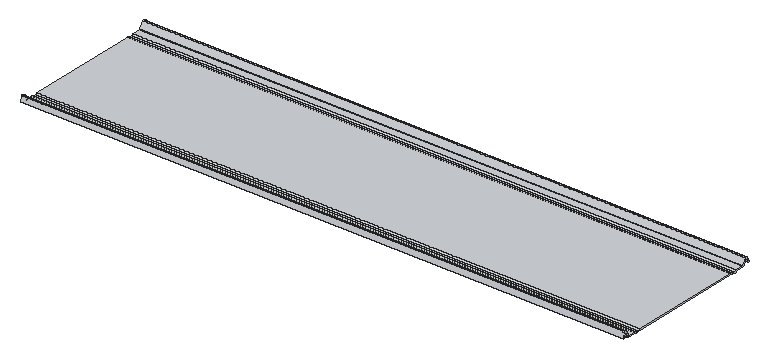
Revit family "LHBV48", category Lighting Fixtures, host Ceiling, Revit 2019
Family settings
  Host = Ceiling
  Round Connector Dimension = Use Diameter
  Part Type = Normal
  OmniClass Number = 23.80.70.11
  OmniClass Title = Luminaries for Internal Lighting
  Always vertical = Yes
  Cut with Voids When Loaded = No
  Light Source = Yes
  Shared = No
  Room Calculation Point = No
Parameters (values of type "LHBV48-LED840K300LUNV")
  Width = 1' - 2 143/256"
  Wattage = 201 W
  built-in parameter 1150110 = 1 (stored number, unit not read)
  Voltage = 120 V
  URL = "https://www.viscor.com/en/products/lhbv"
  built-in parameter 1114217 = 0.9 (stored number, unit not read)
  Tilt Angle = 90.00°
  built-in parameter 1150109 = 1 (stored number, unit not read)
  built-in parameter 1150134 = 12
  built-in parameter 1150113 = 1 (stored number, unit not read)
  Photometric Web File = "LHBV48-LED840K300LUNV-P05.IES"
  Model = "LHBV"  # constant formula
  Manufacturer = "VISIONEERING by VISCOR"  # constant formula
  Lumens = 29547 lm
  built-in parameter 1150115 = 1 (stored number, unit not read)
  built-in parameter 1150105 = 2351.3 (stored number, unit not read)
  built-in parameter 1150137 = (empty or 0)
  built-in parameter 1150139 = (empty or 0)
  Lens Finsih = Acrylic - Viscor - High Impact Textured
  Length = 4' - 3 31/32"
  Lamp Wattage = 201 VA
  built-in parameter 1150112 = 1 (stored number, unit not read)
  built-in parameter 1150114 = 1 (stored number, unit not read)
  Lamp = "LED"  # constant formula
  built-in parameter 1150132 = (empty or 0)
  built-in parameter 1150102 = (empty or 0)
  built-in parameter 1150138 = (empty or 0)
  built-in parameter 1150107 = 4000 (stored number, unit not read)
  built-in parameter 1150106 = 23.513 (stored number, unit not read)
  Housing Finish = Metal - Viscor - White
  Emit from Line Length = Length  # 4' - 3 31/32"
  built-in parameter 1150104 = 13.657 (stored number, unit not read)
  Dimming Lamp Color Temperature Shift = <None>
  Description = "LED High Bay Vapour"  # constant formula
  Color Filter = 16777215
  built-in parameter 1114218 = 1 (stored number, unit not read)
  built-in parameter 1150133 = 10 (stored number, unit not read)
  Assembly Code = "D5020200"
  Apparent Load = Lamp Wattage  # 201 VA
Types (6): name | Width | Wattage | Photometric Web File | Lumens | built-in parameter 1150105 | Lamp Wattage | built-in parameter 1150106 | built-in parameter 1150104 | Apparent Load
  (no name) | 1' - 2 143/256" | 201 W | "LHBV48-LED840K300LUNV-P05.IES" | 29547 lm | 2351.3 (stored number, unit not read) | 201 VA | 23.513 (stored number, unit not read) | 13.657 (stored number, unit not read) | 201 VA
  LHBV48-LED840K120LUNV | 1' - 2 143/256" | 79 W | "LHBV48-LED840K120LUNV-P05.IES" | 12166 lm | 968.14 (stored number, unit not read) | 79 VA | 9.6814 (stored number, unit not read) | 14.307 (stored number, unit not read) | 79 VA
  LHBV48-LED840K150LUNV | 1' - 2 9/16" | 100 W | "LHBV48-LED840K150LUNV-P05.IES" | 15000 lm | 1193.7 (stored number, unit not read) | 100 VA | 11.937 (stored number, unit not read) | 13.935 (stored number, unit not read) | 100 VA
  LHBV48-LED840K180LUNV | 1' - 2 143/256" | 121 W | "LHBV48-LED840K180LUNV-P05.IES" | 18029 lm | 1434.7 (stored number, unit not read) | 121 VA | 14.347 (stored number, unit not read) | 13.843 (stored number, unit not read) | 121 VA
  LHBV48-LED840K240LUNV | 1' - 2 143/256" | 158 W | "LHBV48-LED840K240LUNV-P05.IES" | 24174 lm | 1923.7 (stored number, unit not read) | 158 VA | 19.237 (stored number, unit not read) | 14.214 (stored number, unit not read) | 158 VA
  LHBV48-LED840K300LUNV | 1' - 2 143/256" | 201 W | "LHBV48-LED840K300LUNV-P05.IES" | 29547 lm | 2351.3 (stored number, unit not read) | 201 VA | 23.513 (stored number, unit not read) | 13.657 (stored number, unit not read) | 201 VA
Reference planes (in)
  plane 1 "Light Source Axis (F/B)": y = 0
  plane 2 "Ceiling": z = 96
  plane 3 "Light Source Axis (L/R)": x = 0
  plane 4 "Light Source Elevation": z = 89.875
  plane 5: x = -25.98437
  plane 6: x = 25.98438
  plane 7: y = 7.2793
  plane 8: y = -7.2793
  plane 9: y = 6.2793
  plane 10: y = -6.2793
  plane 11: x = -25.10937
  plane 12: x = 25.10938
Forms (in)
  Extrusion 1, solid
    sketch origin (0, 0, 0.9375) x (0, 1, 0) y (0, 0, 1)
      loop
        line (6.47114, 92.13912) -> (6.50133, 92.14721) -> (6.38637, 92.57623)
        arc (6.38637, 92.57623) -> (6.32768, 92.6277) -> (6.25767, 92.59317) r 0.07025
        line (6.25767, 92.59317) -> (5.97722, 92.10742)
        arc (5.97722, 92.10742) -> (5.96341, 92.0936) -> (5.94453, 92.08854) r 0.03775
        line (5.94453, 92.08854) -> (5.24849, 92.08854) -> (5.13766, 91.99554) -> (4.85844, 91.99554) -> (4.74761, 92.08854) -> (-4.74761, 92.08854) -> (-4.85844, 91.99554) -> (-5.13766, 91.99554) -> (-5.24849, 92.08854) -> (-5.94453, 92.08854)
        arc (-5.94453, 92.08854) -> (-5.96341, 92.0936) -> (-5.97722, 92.10742) r 0.03775
        line (-5.97722, 92.10742) -> (-6.25767, 92.59317)
        arc (-6.25767, 92.59317) -> (-6.32768, 92.6277) -> (-6.38637, 92.57623) r 0.07025
        line (-6.38637, 92.57623) -> (-6.50133, 92.14721) -> (-6.47114, 92.13912) -> (-6.35618, 92.56814)
        arc (-6.35618, 92.56814) -> (-6.3236, 92.59671) -> (-6.28474, 92.57755) r 0.039
        line (-6.28474, 92.57755) -> (-6.00429, 92.09179)
        arc (-6.00429, 92.09179) -> (-5.97903, 92.06654) -> (-5.94453, 92.05729) r 0.069
        line (-5.94453, 92.05729) -> (-5.25986, 92.05729) -> (-5.14903, 91.96429) -> (-4.84706, 91.96429) -> (-4.73623, 92.05729) -> (4.73623, 92.05729) -> (4.84706, 91.96429) -> (5.14903, 91.96429) -> (5.25986, 92.05729) -> (5.94453, 92.05729)
        arc (5.94453, 92.05729) -> (5.97903, 92.06654) -> (6.00429, 92.09179) r 0.069
        line (6.00429, 92.09179) -> (6.28474, 92.57755)
        arc (6.28474, 92.57755) -> (6.3236, 92.59671) -> (6.35618, 92.56814) r 0.039
        line (6.35618, 92.56814) -> (6.47114, 92.13912)
    from -25.10938 to 25.10938
Dimensions and locks (in)
  equal spacing: host sketch curve, plane 3 "Light Source Axis (L/R)", host sketch curve
  equal spacing: host sketch curve, plane 1 "Light Source Axis (F/B)", host sketch curve
  host sketch curve to host sketch curve = 10' - 0"  (x2)
  equal spacing: plane 5, plane 3 "Light Source Axis (L/R)", plane 6
  "Length": plane 5 to plane 6
  equal spacing: plane 7, plane 1 "Light Source Axis (F/B)", plane 8
  "Width": plane 7 to plane 8
  plane 5 to plane 3 "Light Source Axis (L/R)" = 2' - 1 63/64"
  plane 7 to plane 9 to plane 1 "Light Source Axis (F/B)" = 0' - 1" locked, 0' - 6.2793"
  locked: plane 8 to plane 10 at 1
  plane 6 to plane 3 "Light Source Axis (L/R)" = 2' - 1 63/64"
  plane 5 to plane 11 to plane 3 "Light Source Axis (L/R)" = 0' - 0 7/8" locked, 2' - 1 7/64"
  locked: plane 12 to plane 6 at 0.875
  aligned and locked: plane 3 "Light Source Axis (L/R)" to imposter light
  aligned and locked: plane 1 "Light Source Axis (F/B)" to imposter light
  aligned and locked: plane 4 "Light Source Elevation" to imposter light
  aligned and locked: Extrusion 1 to plane 11
  aligned and locked: plane 12 to Extrusion 1
Automatic sketch dimensions
  Extrusion 1 sketch curve to Extrusion 1 sketch curve = 0' - 0"  (x8)
  Extrusion 1 sketch curve to plane 10 = 0' - 0.22203"
  Extrusion 1 sketch curve to Extrusion 1 sketch curve = 0' - 0.03019"  (x2)
  Extrusion 1 sketch curve to plane 10 = 0' - 0.10707"
  Extrusion 1 sketch curve to Extrusion 1 sketch curve = 0' - 0.03767"  (x2)
  Extrusion 1 sketch curve to plane 10 = 0' - 0.00544"
  plane 10 to Extrusion 1 sketch curve = 0' - 0.02162"
  plane 10 to Extrusion 1 sketch curve = 0' - 0.27501"
  Extrusion 1 sketch curve to Extrusion 1 sketch curve = 0' - 0.02706"  (x2)
  Extrusion 1 sketch curve to Extrusion 1 sketch curve = 0' - 0.03269"  (x2)
  Extrusion 1 sketch curve to Extrusion 1 sketch curve = 0' - 0.68467"
  Extrusion 1 sketch curve to Extrusion 1 sketch curve = 0' - 0.01137"  (x8)
  Extrusion 1 sketch curve to Extrusion 1 sketch curve = 0' - 0.11083"  (x4)
  Extrusion 1 sketch curve to Extrusion 1 sketch curve = 0' - 0.27922"  (x2)
  Extrusion 1 sketch curve to plane 9 = 0' - 1.54307"
  Extrusion 1 sketch curve to plane 9 = 0' - 0.33477"
  plane 9 to Extrusion 1 sketch curve = 0' - 0.03922"
  plane 9 to Extrusion 1 sketch curve = 0' - 0.19184"
  Extrusion 1 sketch curve to plane 4 "Light Source Elevation" = 0' - 3.02679"  (x2)
  Extrusion 1 sketch curve to Extrusion 1 sketch curve = 0' - 0 1/32"  (x5)
  Extrusion 1 sketch curve to Extrusion 1 sketch curve = 0' - 0.06175"  (x2)
  Extrusion 1 sketch curve to Extrusion 1 sketch curve = 0' - 0.093"
  Extrusion 1 sketch curve to Extrusion 1 sketch curve = 0' - 0.00325"  (x2)
  Extrusion 1 sketch curve to Extrusion 1 sketch curve = 0' - 0.04733"  (x2)
  Extrusion 1 sketch curve to Extrusion 1 sketch curve = 0' - 0.00809"  (x3)
  Extrusion 1 sketch curve to Extrusion 1 sketch curve = 0' - 0.01009"
  Extrusion 1 sketch curve to Extrusion 1 sketch curve = 0' - 0.41893"
  Extrusion 1 sketch curve to plane 9 = 0' - 0.02162"
  plane 9 to Extrusion 1 sketch curve = 0' - 0.00544"
  Extrusion 1 sketch curve to Extrusion 1 sketch curve = 0' - 0 1/64"
Connectors (in)
  electrical at (0, 0, 89.875), driven by "Voltage", driven by "Lamp Wattage"
    settings: index 1, voltage 120 V, apparent load 0 VA, apparent load phase1 201 VA, apparent load phase2 0 VA, apparent load phase3 0 VA, power factor 1, load classification "Other", number of poles 1, system type 31, power factor state 1, is connector primary yes, connector utility no, sub classification motor no, connector description ""
